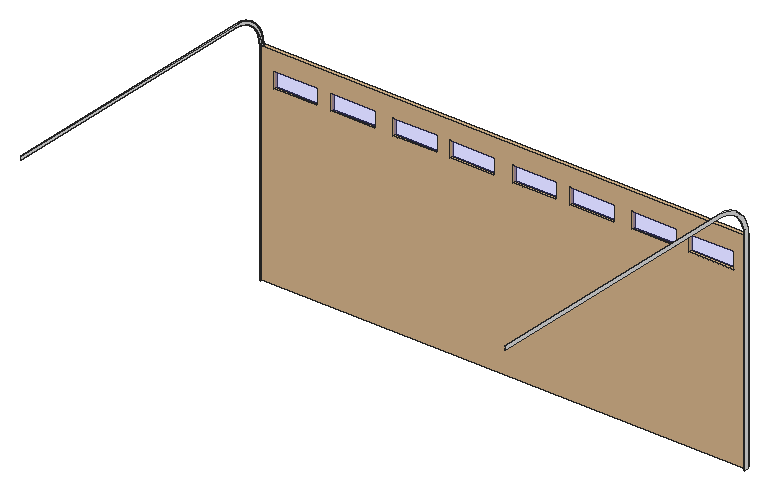
Revit family
Parameters (values of type "7Ft H x 16Ft W")
  Track Width = Width + 0' 2"  # 16' - 2"
  Track Height = Height + 1' 0"  # 8' - 0"
  Track Depth = 10' - 0"
  Track = Metal
  SmartBIM Object Version = 1  # constant formula
  SmartBIM Object Created By = "Reed Construction Data"  # constant formula
  Rough Width = 0' - 0"
  Rough Height = 0' - 0"
  Panel Thickness = 0' - 1 1/2"
  Manufacturer = ""
  Height = 7' - 0"
  Wall Closure = (empty or 0)
  Width = 16' - 0"
  Door Glass = Glass
  Door = Wood
  95 CSI = "08360"  # constant formula
  04 CSI = "08 36 13"  # constant formula
Reference planes (in)
  plane 1 "Center (Front/Back)": y = 0
  plane 2 "Center (Left/Right)": x = 0
  plane 3 "Left": x = -96
  plane 4 "Right": x = 96
  plane 5 "Top": z = 84
  plane 6: x = -97
  plane 7: x = 97
  plane 8: y = -3.25
  plane 9: z = 68.25
  plane 10: z = 15.75
  plane 11: x = 48
  plane 12: x = -48
  plane 13: y = -2.5
  plane 14: y = -2.5
  plane 15 "Ext": y = -3.25
  plane 16: y = -2.5
  plane 17 "Int": y = -1.75
  plane 18: x = -72
  plane 19: x = -24
  plane 20: x = 24
  plane 21: x = 72
  plane 22: z = 73.75
  plane 23: z = 78.75
  plane 24: z = 5.25
  plane 25: z = 26.25
  plane 26: z = 36.75
  plane 27: z = 47.25
  plane 28: z = 57.75
  plane 29: z = 10.5
  plane 30: z = 15.75
  plane 31: z = 52.5
  plane 32: z = 73.5
  plane 33: z = 0
  plane 34: z = 63
  plane 35: z = 42
  plane 36: z = 21
  plane 37: z = 31.5
Forms (in)
  Extrusion 1, solid, material "Wood" <- "Door"
    sketch origin (0, 0, 0) x (1, 0, 0) y (0, 0, 1)
      loop
        line (-97, 84) -> (-97, 0) -> (97, 0) -> (97, 84) -> (-97, 84)
      loop
        line (92.5, 76.75) -> (74.5, 76.75) -> (74.5, 70.25) -> (92.5, 70.25) -> (92.5, 76.75)
      loop
        line (69.5, 76.75) -> (51.5, 76.75) -> (51.5, 70.25) -> (69.5, 70.25) -> (69.5, 76.75)
      loop
        line (44.5, 76.75) -> (26.5, 76.75) -> (26.5, 70.25) -> (44.5, 70.25) -> (44.5, 76.75)
      loop
        line (21.5, 76.75) -> (3.5, 76.75) -> (3.5, 70.25) -> (21.5, 70.25) -> (21.5, 76.75)
      loop
        line (-3.5, 76.75) -> (-21.5, 76.75) -> (-21.5, 70.25) -> (-3.5, 70.25) -> (-3.5, 76.75)
      loop
        line (-26.5, 76.75) -> (-44.5, 76.75) -> (-44.5, 70.25) -> (-26.5, 70.25) -> (-26.5, 76.75)
      loop
        line (-51.5, 76.75) -> (-69.5, 76.75) -> (-69.5, 70.25) -> (-51.5, 70.25) -> (-51.5, 76.75)
      loop
        line (-74.5, 76.75) -> (-92.5, 76.75) -> (-92.5, 70.25) -> (-74.5, 70.25) -> (-74.5, 76.75)
    from 1.75 to 3.25
  Extrusion 2, solid, material "Glass" <- "Door Glass"
    sketch origin (0, 0, 0) x (1, 0, 0) y (0, 0, 1)
      loop
        line (92.5, 76.75) -> (74.5, 76.75) -> (74.5, 70.25) -> (92.5, 70.25) -> (92.5, 76.75)
      loop
        line (69.5, 76.75) -> (51.5, 76.75) -> (51.5, 70.25) -> (69.5, 70.25) -> (69.5, 76.75)
      loop
        line (44.5, 76.75) -> (26.5, 76.75) -> (26.5, 70.25) -> (44.5, 70.25) -> (44.5, 76.75)
      loop
        line (21.5, 76.75) -> (3.5, 76.75) -> (3.5, 70.25) -> (21.5, 70.25) -> (21.5, 76.75)
      loop
        line (-3.5, 76.75) -> (-21.5, 76.75) -> (-21.5, 70.25) -> (-3.5, 70.25) -> (-3.5, 76.75)
      loop
        line (-26.5, 76.75) -> (-44.5, 76.75) -> (-44.5, 70.25) -> (-26.5, 70.25) -> (-26.5, 76.75)
      loop
        line (-51.5, 76.75) -> (-69.5, 76.75) -> (-69.5, 70.25) -> (-51.5, 70.25) -> (-51.5, 76.75)
      loop
        line (-74.5, 76.75) -> (-92.5, 76.75) -> (-92.5, 70.25) -> (-74.5, 70.25) -> (-74.5, 76.75)
    from 2.375 to 2.625
Lines and regions (in)
  Opening 1
    outline origin (-90, -1.75, 0) x (1, 0, 0) y (0, 0, 1)
      loop
        line (-6, 0) -> (186, 0) -> (186, 84) -> (-6, 84) -> (-6, 0)
  model lines
    curve 1: line (49.5, -1.75, 57.75) -> (49.5, -1.75, 47.25)
    curve 2: line (49.5, -1.75, 47.25) -> (94.5, -1.75, 47.25)
    curve 3: line (94.5, -1.75, 47.25) -> (94.5, -1.75, 57.75)
    curve 4: line (94.5, -1.75, 57.75) -> (49.5, -1.75, 57.75)
    curve 5: line (93, -1.75, 56.25) -> (51, -1.75, 56.25)
    curve 6: line (51, -1.75, 56.25) -> (51, -1.75, 48.75)
    curve 7: line (51, -1.75, 48.75) -> (93, -1.75, 48.75)
    curve 8: line (93, -1.75, 48.75) -> (93, -1.75, 56.25)
    curve 9: line (1.5, -1.75, 57.75) -> (1.5, -1.75, 47.25)
    curve 10: line (1.5, -1.75, 47.25) -> (46.5, -1.75, 47.25)
    curve 11: line (46.5, -1.75, 47.25) -> (46.5, -1.75, 57.75)
    curve 12: line (46.5, -1.75, 57.75) -> (1.5, -1.75, 57.75)
    curve 13: line (45, -1.75, 56.25) -> (3, -1.75, 56.25)
    curve 14: line (3, -1.75, 56.25) -> (3, -1.75, 48.75)
    curve 15: line (3, -1.75, 48.75) -> (45, -1.75, 48.75)
    curve 16: line (45, -1.75, 48.75) -> (45, -1.75, 56.25)
    curve 17: line (-1.5, -1.75, 57.75) -> (-1.5, -1.75, 47.25)
    curve 18: line (-1.5, -1.75, 47.25) -> (-46.5, -1.75, 47.25)
    curve 19: line (-46.5, -1.75, 47.25) -> (-46.5, -1.75, 57.75)
    curve 20: line (-46.5, -1.75, 57.75) -> (-1.5, -1.75, 57.75)
    curve 21: line (-45, -1.75, 56.25) -> (-3, -1.75, 56.25)
    curve 22: line (-3, -1.75, 56.25) -> (-3, -1.75, 48.75)
    curve 23: line (-3, -1.75, 48.75) -> (-45, -1.75, 48.75)
    curve 24: line (-45, -1.75, 48.75) -> (-45, -1.75, 56.25)
    curve 25: line (-94.5, -1.75, 57.75) -> (-94.5, -1.75, 47.25)
    curve 26: line (-94.5, -1.75, 47.25) -> (-49.5, -1.75, 47.25)
    curve 27: line (-49.5, -1.75, 47.25) -> (-49.5, -1.75, 57.75)
    curve 28: line (-49.5, -1.75, 57.75) -> (-94.5, -1.75, 57.75)
    curve 29: line (-51, -1.75, 56.25) -> (-93, -1.75, 56.25)
    curve 30: line (-93, -1.75, 56.25) -> (-93, -1.75, 48.75)
    curve 31: line (-93, -1.75, 48.75) -> (-51, -1.75, 48.75)
    curve 32: line (-51, -1.75, 48.75) -> (-51, -1.75, 56.25)
    curve 33: line (-94.5, -1.75, 36.75) -> (-94.5, -1.75, 26.25)
    curve 34: line (-94.5, -1.75, 26.25) -> (-49.5, -1.75, 26.25)
    curve 35: line (-49.5, -1.75, 26.25) -> (-49.5, -1.75, 36.75)
    curve 36: line (-49.5, -1.75, 36.75) -> (-94.5, -1.75, 36.75)
    curve 37: line (-51, -1.75, 35.25) -> (-93, -1.75, 35.25)
    curve 38: line (-93, -1.75, 35.25) -> (-93, -1.75, 27.75)
    curve 39: line (-93, -1.75, 27.75) -> (-51, -1.75, 27.75)
    curve 40: line (-51, -1.75, 27.75) -> (-51, -1.75, 35.25)
    curve 41: line (-46.5, -1.75, 36.75) -> (-46.5, -1.75, 26.25)
    curve 42: line (-46.5, -1.75, 26.25) -> (-1.5, -1.75, 26.25)
    curve 43: line (-1.5, -1.75, 26.25) -> (-1.5, -1.75, 36.75)
    curve 44: line (-1.5, -1.75, 36.75) -> (-46.5, -1.75, 36.75)
    curve 45: line (-3, -1.75, 35.25) -> (-45, -1.75, 35.25)
    curve 46: line (-45, -1.75, 35.25) -> (-45, -1.75, 27.75)
    curve 47: line (-45, -1.75, 27.75) -> (-3, -1.75, 27.75)
    curve 48: line (-3, -1.75, 27.75) -> (-3, -1.75, 35.25)
    curve 49: line (46.5, -1.75, 36.75) -> (46.5, -1.75, 26.25)
    curve 50: line (46.5, -1.75, 26.25) -> (1.5, -1.75, 26.25)
    curve 51: line (1.5, -1.75, 26.25) -> (1.5, -1.75, 36.75)
    curve 52: line (1.5, -1.75, 36.75) -> (46.5, -1.75, 36.75)
    curve 53: line (3, -1.75, 35.25) -> (45, -1.75, 35.25)
    curve 54: line (45, -1.75, 35.25) -> (45, -1.75, 27.75)
    curve 55: line (45, -1.75, 27.75) -> (3, -1.75, 27.75)
    curve 56: line (3, -1.75, 27.75) -> (3, -1.75, 35.25)
    curve 57: line (49.5, -1.75, 36.75) -> (49.5, -1.75, 26.25)
    curve 58: line (49.5, -1.75, 26.25) -> (94.5, -1.75, 26.25)
    curve 59: line (94.5, -1.75, 26.25) -> (94.5, -1.75, 36.75)
    curve 60: line (94.5, -1.75, 36.75) -> (49.5, -1.75, 36.75)
    curve 61: line (93, -1.75, 35.25) -> (51, -1.75, 35.25)
    curve 62: line (51, -1.75, 35.25) -> (51, -1.75, 27.75)
    curve 63: line (51, -1.75, 27.75) -> (93, -1.75, 27.75)
    curve 64: line (93, -1.75, 27.75) -> (93, -1.75, 35.25)
    curve 65: line (-94.5, -1.75, 5.25) -> (-94.5, -1.75, 15.75)
    curve 66: line (-94.5, -1.75, 15.75) -> (-49.5, -1.75, 15.75)
    curve 67: line (-49.5, -1.75, 15.75) -> (-49.5, -1.75, 5.25)
    curve 68: line (-49.5, -1.75, 5.25) -> (-94.5, -1.75, 5.25)
    curve 69: line (-51, -1.75, 6.75) -> (-93, -1.75, 6.75)
    curve 70: line (-93, -1.75, 6.75) -> (-93, -1.75, 14.25)
    curve 71: line (-93, -1.75, 14.25) -> (-51, -1.75, 14.25)
    curve 72: line (-51, -1.75, 14.25) -> (-51, -1.75, 6.75)
    curve 73: line (-1.5, -1.75, 5.25) -> (-1.5, -1.75, 15.75)
    curve 74: line (-1.5, -1.75, 15.75) -> (-46.5, -1.75, 15.75)
    curve 75: line (-46.5, -1.75, 15.75) -> (-46.5, -1.75, 5.25)
    curve 76: line (-46.5, -1.75, 5.25) -> (-1.5, -1.75, 5.25)
    curve 77: line (-45, -1.75, 6.75) -> (-3, -1.75, 6.75)
    curve 78: line (-3, -1.75, 6.75) -> (-3, -1.75, 14.25)
    curve 79: line (-3, -1.75, 14.25) -> (-45, -1.75, 14.25)
    curve 80: line (-45, -1.75, 14.25) -> (-45, -1.75, 6.75)
    curve 81: line (1.5, -1.75, 5.25) -> (1.5, -1.75, 15.75)
    curve 82: line (1.5, -1.75, 15.75) -> (46.5, -1.75, 15.75)
    curve 83: line (46.5, -1.75, 15.75) -> (46.5, -1.75, 5.25)
    curve 84: line (46.5, -1.75, 5.25) -> (1.5, -1.75, 5.25)
    curve 85: line (45, -1.75, 6.75) -> (3, -1.75, 6.75)
    curve 86: line (3, -1.75, 6.75) -> (3, -1.75, 14.25)
    curve 87: line (3, -1.75, 14.25) -> (45, -1.75, 14.25)
    curve 88: line (45, -1.75, 14.25) -> (45, -1.75, 6.75)
    curve 89: line (94.5, -1.75, 5.25) -> (94.5, -1.75, 15.75)
    curve 90: line (94.5, -1.75, 15.75) -> (49.5, -1.75, 15.75)
    curve 91: line (49.5, -1.75, 15.75) -> (49.5, -1.75, 5.25)
    curve 92: line (49.5, -1.75, 5.25) -> (94.5, -1.75, 5.25)
    curve 93: line (51, -1.75, 6.75) -> (93, -1.75, 6.75)
    curve 94: line (93, -1.75, 6.75) -> (93, -1.75, 14.25)
    curve 95: line (93, -1.75, 14.25) -> (51, -1.75, 14.25)
    curve 96: line (51, -1.75, 14.25) -> (51, -1.75, 6.75)
    curve 97: line (3, -1.75, 56.25) -> (1.5, -1.75, 57.75)
    curve 98: line (3, -1.75, 48.75) -> (1.5, -1.75, 47.25)
    curve 99: line (45, -1.75, 56.25) -> (46.5, -1.75, 57.75)
    curve 100: line (45, -1.75, 48.75) -> (46.5, -1.75, 47.25)
    curve 101: line (93, -1.75, 56.25) -> (94.5, -1.75, 57.75)
    curve 102: line (93, -1.75, 48.75) -> (94.5, -1.75, 47.25)
    curve 103: line (51, -1.75, 56.25) -> (49.5, -1.75, 57.75)
    curve 104: line (51, -1.75, 48.75) -> (49.5, -1.75, 47.25)
    curve 105: line (93, -1.75, 27.75) -> (94.5, -1.75, 26.25)
    curve 106: line (93, -1.75, 35.25) -> (94.5, -1.75, 36.75)
    curve 107: line (51, -1.75, 27.75) -> (49.5, -1.75, 26.25)
    curve 108: line (51, -1.75, 35.25) -> (49.5, -1.75, 36.75)
    curve 109: line (93, -1.75, 14.25) -> (94.5, -1.75, 15.75)
    curve 110: line (93, -1.75, 6.75) -> (94.5, -1.75, 5.25)
    curve 111: line (51, -1.75, 14.25) -> (49.5, -1.75, 15.75)
    curve 112: line (51, -1.75, 6.75) -> (49.5, -1.75, 5.25)
    curve 113: line (3, -1.75, 14.25) -> (1.5, -1.75, 15.75)
    curve 114: line (3, -1.75, 6.75) -> (1.5, -1.75, 5.25)
    curve 115: line (45, -1.75, 14.25) -> (46.5, -1.75, 15.75)
    curve 116: line (45, -1.75, 6.75) -> (46.5, -1.75, 5.25)
    curve 117: line (-3, -1.75, 14.25) -> (-1.5, -1.75, 15.75)
    curve 118: line (-3, -1.75, 6.75) -> (-1.5, -1.75, 5.25)
    curve 119: line (-45, -1.75, 14.25) -> (-46.5, -1.75, 15.75)
    curve 120: line (-45, -1.75, 6.75) -> (-46.5, -1.75, 5.25)
    curve 121: line (-93, -1.75, 14.25) -> (-94.5, -1.75, 15.75)
    curve 122: line (-93, -1.75, 6.75) -> (-94.5, -1.75, 5.25)
    curve 123: line (-51, -1.75, 14.25) -> (-49.5, -1.75, 15.75)
    curve 124: line (-51, -1.75, 6.75) -> (-49.5, -1.75, 5.25)
    curve 125: line (-93, -1.75, 27.75) -> (-94.5, -1.75, 26.25)
    curve 126: line (-93, -1.75, 35.25) -> (-94.5, -1.75, 36.75)
    curve 127: line (-51, -1.75, 27.75) -> (-49.5, -1.75, 26.25)
    curve 128: line (-51, -1.75, 35.25) -> (-49.5, -1.75, 36.75)
    curve 129: line (-3, -1.75, 27.75) -> (-1.5, -1.75, 26.25)
    curve 130: line (-3, -1.75, 35.25) -> (-1.5, -1.75, 36.75)
    curve 131: line (-45, -1.75, 27.75) -> (-46.5, -1.75, 26.25)
    curve 132: line (-45, -1.75, 35.25) -> (-46.5, -1.75, 36.75)
    curve 133: line (3, -1.75, 27.75) -> (1.5, -1.75, 26.25)
    curve 134: line (3, -1.75, 35.25) -> (1.5, -1.75, 36.75)
    curve 135: line (45, -1.75, 27.75) -> (46.5, -1.75, 26.25)
    curve 136: line (45, -1.75, 35.25) -> (46.5, -1.75, 36.75)
    curve 137: line (-3, -1.75, 56.25) -> (-1.5, -1.75, 57.75)
    curve 138: line (-3, -1.75, 48.75) -> (-1.5, -1.75, 47.25)
    curve 139: line (-45, -1.75, 56.25) -> (-46.5, -1.75, 57.75)
    curve 140: line (-45, -1.75, 48.75) -> (-46.5, -1.75, 47.25)
    curve 141: line (-93, -1.75, 56.25) -> (-94.5, -1.75, 57.75)
    curve 142: line (-93, -1.75, 48.75) -> (-94.5, -1.75, 47.25)
    curve 143: line (-51, -1.75, 56.25) -> (-49.5, -1.75, 57.75)
    curve 144: line (-51, -1.75, 48.75) -> (-49.5, -1.75, 47.25)
    curve 145: line (93, -3.25, 56.25) -> (51, -3.25, 56.25)
    curve 146: line (51, -3.25, 56.25) -> (51, -3.25, 48.75)
    curve 147: line (51, -3.25, 48.75) -> (93, -3.25, 48.75)
    curve 148: line (93, -3.25, 48.75) -> (93, -3.25, 56.25)
    curve 149: line (45, -3.25, 56.25) -> (3, -3.25, 56.25)
    curve 150: line (3, -3.25, 56.25) -> (3, -3.25, 48.75)
    curve 151: line (3, -3.25, 48.75) -> (45, -3.25, 48.75)
    curve 152: line (45, -3.25, 48.75) -> (45, -3.25, 56.25)
    curve 153: line (-45, -3.25, 56.25) -> (-3, -3.25, 56.25)
    curve 154: line (-3, -3.25, 56.25) -> (-3, -3.25, 48.75)
    curve 155: line (-3, -3.25, 48.75) -> (-45, -3.25, 48.75)
    curve 156: line (-45, -3.25, 48.75) -> (-45, -3.25, 56.25)
    curve 157: line (-51, -3.25, 56.25) -> (-93, -3.25, 56.25)
    curve 158: line (-93, -3.25, 56.25) -> (-93, -3.25, 48.75)
    curve 159: line (-93, -3.25, 48.75) -> (-51, -3.25, 48.75)
    curve 160: line (-51, -3.25, 48.75) -> (-51, -3.25, 56.25)
    curve 161: line (-51, -3.25, 35.25) -> (-93, -3.25, 35.25)
    curve 162: line (-93, -3.25, 35.25) -> (-93, -3.25, 27.75)
    curve 163: line (-93, -3.25, 27.75) -> (-51, -3.25, 27.75)
    curve 164: line (-51, -3.25, 27.75) -> (-51, -3.25, 35.25)
    curve 165: line (-3, -3.25, 35.25) -> (-45, -3.25, 35.25)
    curve 166: line (-45, -3.25, 35.25) -> (-45, -3.25, 27.75)
    curve 167: line (-45, -3.25, 27.75) -> (-3, -3.25, 27.75)
    curve 168: line (-3, -3.25, 27.75) -> (-3, -3.25, 35.25)
    curve 169: line (3, -3.25, 35.25) -> (45, -3.25, 35.25)
    curve 170: line (45, -3.25, 35.25) -> (45, -3.25, 27.75)
    curve 171: line (45, -3.25, 27.75) -> (3, -3.25, 27.75)
    curve 172: line (3, -3.25, 27.75) -> (3, -3.25, 35.25)
    curve 173: line (93, -3.25, 35.25) -> (51, -3.25, 35.25)
    curve 174: line (51, -3.25, 35.25) -> (51, -3.25, 27.75)
    curve 175: line (51, -3.25, 27.75) -> (93, -3.25, 27.75)
    curve 176: line (93, -3.25, 27.75) -> (93, -3.25, 35.25)
    curve 177: line (93, -3.25, 14.25) -> (51, -3.25, 14.25)
    curve 178: line (51, -3.25, 14.25) -> (51, -3.25, 6.75)
    curve 179: line (51, -3.25, 6.75) -> (93, -3.25, 6.75)
    curve 180: line (93, -3.25, 6.75) -> (93, -3.25, 14.25)
    curve 181: line (3, -3.25, 14.25) -> (45, -3.25, 14.25)
    curve 182: line (45, -3.25, 14.25) -> (45, -3.25, 6.75)
    curve 183: line (45, -3.25, 6.75) -> (3, -3.25, 6.75)
    curve 184: line (3, -3.25, 6.75) -> (3, -3.25, 14.25)
    curve 185: line (-3, -3.25, 14.25) -> (-45, -3.25, 14.25)
    curve 186: line (-45, -3.25, 14.25) -> (-45, -3.25, 6.75)
    curve 187: line (-45, -3.25, 6.75) -> (-3, -3.25, 6.75)
    curve 188: line (-3, -3.25, 6.75) -> (-3, -3.25, 14.25)
    curve 189: line (-93, -3.25, 14.25) -> (-51, -3.25, 14.25)
    curve 190: line (-51, -3.25, 14.25) -> (-51, -3.25, 6.75)
    curve 191: line (-51, -3.25, 6.75) -> (-93, -3.25, 6.75)
    curve 192: line (-93, -3.25, 6.75) -> (-93, -3.25, 14.25)
    curve 193: line (94.5, -3.25, 47.25) -> (94.5, -3.25, 57.75)
    curve 194: line (94.5, -3.25, 57.75) -> (49.5, -3.25, 57.75)
    curve 195: line (49.5, -3.25, 57.75) -> (49.5, -3.25, 47.25)
    curve 196: line (49.5, -3.25, 47.25) -> (94.5, -3.25, 47.25)
    curve 197: line (46.5, -3.25, 57.75) -> (1.5, -3.25, 57.75)
    curve 198: line (1.5, -3.25, 57.75) -> (1.5, -3.25, 47.25)
    curve 199: line (1.5, -3.25, 47.25) -> (46.5, -3.25, 47.25)
    curve 200: line (46.5, -3.25, 47.25) -> (46.5, -3.25, 57.75)
    curve 201: line (-1.5, -3.25, 47.25) -> (-46.5, -3.25, 47.25)
    curve 202: line (-46.5, -3.25, 47.25) -> (-46.5, -3.25, 57.75)
    curve 203: line (-46.5, -3.25, 57.75) -> (-1.5, -3.25, 57.75)
    curve 204: line (-1.5, -3.25, 57.75) -> (-1.5, -3.25, 47.25)
    curve 205: line (-94.5, -3.25, 57.75) -> (-94.5, -3.25, 47.25)
    curve 206: line (-94.5, -3.25, 47.25) -> (-49.5, -3.25, 47.25)
    curve 207: line (-49.5, -3.25, 47.25) -> (-49.5, -3.25, 57.75)
    curve 208: line (-49.5, -3.25, 57.75) -> (-94.5, -3.25, 57.75)
    curve 209: line (-94.5, -3.25, 36.75) -> (-94.5, -3.25, 26.25)
    curve 210: line (-94.5, -3.25, 26.25) -> (-49.5, -3.25, 26.25)
    curve 211: line (-49.5, -3.25, 26.25) -> (-49.5, -3.25, 36.75)
    curve 212: line (-49.5, -3.25, 36.75) -> (-94.5, -3.25, 36.75)
    curve 213: line (-1.5, -3.25, 36.75) -> (-46.5, -3.25, 36.75)
    curve 214: line (-46.5, -3.25, 36.75) -> (-46.5, -3.25, 26.25)
    curve 215: line (-46.5, -3.25, 26.25) -> (-1.5, -3.25, 26.25)
    curve 216: line (-1.5, -3.25, 26.25) -> (-1.5, -3.25, 36.75)
    curve 217: line (1.5, -3.25, 26.25) -> (1.5, -3.25, 36.75)
    curve 218: line (1.5, -3.25, 36.75) -> (46.5, -3.25, 36.75)
    curve 219: line (46.5, -3.25, 36.75) -> (46.5, -3.25, 26.25)
    curve 220: line (46.5, -3.25, 26.25) -> (1.5, -3.25, 26.25)
    curve 221: line (49.5, -3.25, 36.75) -> (49.5, -3.25, 26.25)
    curve 222: line (49.5, -3.25, 26.25) -> (94.5, -3.25, 26.25)
    curve 223: line (94.5, -3.25, 26.25) -> (94.5, -3.25, 36.75)
    curve 224: line (94.5, -3.25, 36.75) -> (49.5, -3.25, 36.75)
    curve 225: line (94.5, -3.25, 5.25) -> (94.5, -3.25, 15.75)
    curve 226: line (94.5, -3.25, 15.75) -> (49.5, -3.25, 15.75)
    curve 227: line (49.5, -3.25, 15.75) -> (49.5, -3.25, 5.25)
    curve 228: line (49.5, -3.25, 5.25) -> (94.5, -3.25, 5.25)
    curve 229: line (46.5, -3.25, 15.75) -> (46.5, -3.25, 5.25)
    curve 230: line (46.5, -3.25, 5.25) -> (1.5, -3.25, 5.25)
    curve 231: line (1.5, -3.25, 5.25) -> (1.5, -3.25, 15.75)
    curve 232: line (1.5, -3.25, 15.75) -> (46.5, -3.25, 15.75)
    curve 233: line (-1.5, -3.25, 5.25) -> (-1.5, -3.25, 15.75)
    curve 234: line (-1.5, -3.25, 15.75) -> (-46.5, -3.25, 15.75)
    curve 235: line (-46.5, -3.25, 15.75) -> (-46.5, -3.25, 5.25)
    curve 236: line (-46.5, -3.25, 5.25) -> (-1.5, -3.25, 5.25)
    curve 237: line (-94.5, -3.25, 15.75) -> (-49.5, -3.25, 15.75)
    curve 238: line (-49.5, -3.25, 15.75) -> (-49.5, -3.25, 5.25)
    curve 239: line (-49.5, -3.25, 5.25) -> (-94.5, -3.25, 5.25)
    curve 240: line (-94.5, -3.25, 5.25) -> (-94.5, -3.25, 15.75)
    curve 241: line (93, -3.25, 56.25) -> (94.5, -3.25, 57.75)
    curve 242: line (51, -3.25, 56.25) -> (49.5, -3.25, 57.75)
    curve 243: line (51, -3.25, 48.75) -> (49.5, -3.25, 47.25)
    curve 244: line (93, -3.25, 48.75) -> (94.5, -3.25, 47.25)
    curve 245: line (45, -3.25, 48.75) -> (46.5, -3.25, 47.25)
    curve 246: line (45, -3.25, 56.25) -> (46.5, -3.25, 57.75)
    curve 247: line (3, -3.25, 56.25) -> (1.5, -3.25, 57.75)
    curve 248: line (3, -3.25, 48.75) -> (1.5, -3.25, 47.25)
    curve 249: line (-3, -3.25, 56.25) -> (-1.5, -3.25, 57.75)
    curve 250: line (-3, -3.25, 48.75) -> (-1.5, -3.25, 47.25)
    curve 251: line (-45, -3.25, 48.75) -> (-46.5, -3.25, 47.25)
    curve 252: line (-45, -3.25, 56.25) -> (-46.5, -3.25, 57.75)
    curve 253: line (-51, -3.25, 56.25) -> (-49.5, -3.25, 57.75)
    curve 254: line (-51, -3.25, 48.75) -> (-49.5, -3.25, 47.25)
    curve 255: line (-93, -3.25, 56.25) -> (-94.5, -3.25, 57.75)
    curve 256: line (-93, -3.25, 48.75) -> (-94.5, -3.25, 47.25)
    curve 257: line (-93, -3.25, 35.25) -> (-94.5, -3.25, 36.75)
    curve 258: line (-93, -3.25, 27.75) -> (-94.5, -3.25, 26.25)
    curve 259: line (-51, -3.25, 27.75) -> (-49.5, -3.25, 26.25)
    curve 260: line (-51, -3.25, 35.25) -> (-49.5, -3.25, 36.75)
    curve 261: line (-45, -3.25, 35.25) -> (-46.5, -3.25, 36.75)
    curve 262: line (-45, -3.25, 27.75) -> (-46.5, -3.25, 26.25)
    curve 263: line (-3, -3.25, 35.25) -> (-1.5, -3.25, 36.75)
    curve 264: line (-3, -3.25, 27.75) -> (-1.5, -3.25, 26.25)
    curve 265: line (3, -3.25, 35.25) -> (1.5, -3.25, 36.75)
    curve 266: line (3, -3.25, 27.75) -> (1.5, -3.25, 26.25)
    curve 267: line (45, -3.25, 27.75) -> (46.5, -3.25, 26.25)
    curve 268: line (45, -3.25, 35.25) -> (46.5, -3.25, 36.75)
    curve 269: line (51, -3.25, 35.25) -> (49.5, -3.25, 36.75)
    curve 270: line (51, -3.25, 27.75) -> (49.5, -3.25, 26.25)
    curve 271: line (93, -3.25, 27.75) -> (94.5, -3.25, 26.25)
    curve 272: line (93, -3.25, 35.25) -> (94.5, -3.25, 36.75)
    curve 273: line (93, -3.25, 14.25) -> (94.5, -3.25, 15.75)
    curve 274: line (93, -3.25, 6.75) -> (94.5, -3.25, 5.25)
    curve 275: line (51, -3.25, 6.75) -> (49.5, -3.25, 5.25)
    curve 276: line (51, -3.25, 14.25) -> (49.5, -3.25, 15.75)
    curve 277: line (45, -3.25, 14.25) -> (46.5, -3.25, 15.75)
    curve 278: line (45, -3.25, 6.75) -> (46.5, -3.25, 5.25)
    curve 279: line (3, -3.25, 6.75) -> (1.5, -3.25, 5.25)
    curve 280: line (3, -3.25, 14.25) -> (1.5, -3.25, 15.75)
    curve 281: line (-3, -3.25, 14.25) -> (-1.5, -3.25, 15.75)
    curve 282: line (-3, -3.25, 6.75) -> (-1.5, -3.25, 5.25)
    curve 283: line (-45, -3.25, 14.25) -> (-46.5, -3.25, 15.75)
    curve 284: line (-45, -3.25, 6.75) -> (-46.5, -3.25, 5.25)
    curve 285: line (-51, -3.25, 14.25) -> (-49.5, -3.25, 15.75)
    curve 286: line (-51, -3.25, 6.75) -> (-49.5, -3.25, 5.25)
    curve 287: line (-93, -3.25, 14.25) -> (-94.5, -3.25, 15.75)
    curve 288: line (-93, -3.25, 6.75) -> (-94.5, -3.25, 5.25)
    curve 289: line (-112.67375, -1.75, 0) -> (112.32625, -1.75, 0)
    curve 290: line (49.5, -1.75, 78.75) -> (71.5, -1.75, 78.75)
    curve 291: line (49.5, -1.75, 68.25) -> (49.5, -1.75, 78.75)
    curve 292: line (94.5, -1.75, 68.25) -> (72.5, -1.75, 68.25)
    curve 293: line (94.5, -1.75, 78.75) -> (94.5, -1.75, 68.25)
    curve 294: line (94.5, -1.75, 78.75) -> (92.5, -1.75, 76.75)
    curve 295: line (51.5, -1.75, 76.75) -> (49.5, -1.75, 78.75)
    curve 296: line (51.5, -1.75, 70.25) -> (49.5, -1.75, 68.25)
    curve 297: line (92.5, -1.75, 70.25) -> (94.5, -1.75, 68.25)
    curve 298: line (74.5, -1.75, 76.75) -> (72.5, -1.75, 78.75)
    curve 299: line (74.5, -1.75, 70.25) -> (72.5, -1.75, 68.25)
    curve 300: line (69.5, -1.75, 70.25) -> (71.5, -1.75, 68.25)
    curve 301: line (69.5, -1.75, 76.75) -> (71.5, -1.75, 78.75)
    curve 302: line (71.5, -1.75, 68.25) -> (49.5, -1.75, 68.25)
    curve 303: line (72.5, -1.75, 78.75) -> (94.5, -1.75, 78.75)
    curve 304: line (72.5, -1.75, 78.75) -> (72.5, -1.75, 68.25)
    curve 305: line (71.5, -1.75, 68.25) -> (71.5, -1.75, 78.75)
    curve 306: line (46.5, -1.75, 78.75) -> (24.5, -1.75, 78.75)
    curve 307: line (46.5, -1.75, 68.25) -> (46.5, -1.75, 78.75)
    curve 308: line (1.5, -1.75, 68.25) -> (23.5, -1.75, 68.25)
    curve 309: line (1.5, -1.75, 78.75) -> (1.5, -1.75, 68.25)
    curve 310: line (1.5, -1.75, 78.75) -> (3.5, -1.75, 76.75)
    curve 311: line (44.5, -1.75, 76.75) -> (46.5, -1.75, 78.75)
    curve 312: line (44.5, -1.75, 70.25) -> (46.5, -1.75, 68.25)
    curve 313: line (3.5, -1.75, 70.25) -> (1.5, -1.75, 68.25)
    curve 314: line (21.5, -1.75, 76.75) -> (23.5, -1.75, 78.75)
    curve 315: line (21.5, -1.75, 70.25) -> (23.5, -1.75, 68.25)
    curve 316: line (26.5, -1.75, 70.25) -> (24.5, -1.75, 68.25)
    curve 317: line (26.5, -1.75, 76.75) -> (24.5, -1.75, 78.75)
    curve 318: line (24.5, -1.75, 68.25) -> (46.5, -1.75, 68.25)
    curve 319: line (23.5, -1.75, 78.75) -> (1.5, -1.75, 78.75)
    curve 320: line (23.5, -1.75, 78.75) -> (23.5, -1.75, 68.25)
    curve 321: line (24.5, -1.75, 68.25) -> (24.5, -1.75, 78.75)
    curve 322: line (-49.5, -1.75, 78.75) -> (-71.5, -1.75, 78.75)
    curve 323: line (-49.5, -1.75, 68.25) -> (-49.5, -1.75, 78.75)
    curve 324: line (-94.5, -1.75, 68.25) -> (-72.5, -1.75, 68.25)
    curve 325: line (-94.5, -1.75, 78.75) -> (-94.5, -1.75, 68.25)
    curve 326: line (-94.5, -1.75, 78.75) -> (-92.5, -1.75, 76.75)
    curve 327: line (-51.5, -1.75, 76.75) -> (-49.5, -1.75, 78.75)
    curve 328: line (-51.5, -1.75, 70.25) -> (-49.5, -1.75, 68.25)
    curve 329: line (-92.5, -1.75, 70.25) -> (-94.5, -1.75, 68.25)
    curve 330: line (-74.5, -1.75, 76.75) -> (-72.5, -1.75, 78.75)
    curve 331: line (-74.5, -1.75, 70.25) -> (-72.5, -1.75, 68.25)
    curve 332: line (-69.5, -1.75, 70.25) -> (-71.5, -1.75, 68.25)
    curve 333: line (-69.5, -1.75, 76.75) -> (-71.5, -1.75, 78.75)
    curve 334: line (-71.5, -1.75, 68.25) -> (-49.5, -1.75, 68.25)
    curve 335: line (-72.5, -1.75, 78.75) -> (-94.5, -1.75, 78.75)
    curve 336: line (-72.5, -1.75, 78.75) -> (-72.5, -1.75, 68.25)
    curve 337: line (-71.5, -1.75, 68.25) -> (-71.5, -1.75, 78.75)
    curve 338: line (-46.5, -1.75, 78.75) -> (-24.5, -1.75, 78.75)
    curve 339: line (-46.5, -1.75, 68.25) -> (-46.5, -1.75, 78.75)
    curve 340: line (-1.5, -1.75, 68.25) -> (-23.5, -1.75, 68.25)
    curve 341: line (-1.5, -1.75, 78.75) -> (-1.5, -1.75, 68.25)
    curve 342: line (-1.5, -1.75, 78.75) -> (-3.5, -1.75, 76.75)
    curve 343: line (-44.5, -1.75, 76.75) -> (-46.5, -1.75, 78.75)
    curve 344: line (-44.5, -1.75, 70.25) -> (-46.5, -1.75, 68.25)
    curve 345: line (-3.5, -1.75, 70.25) -> (-1.5, -1.75, 68.25)
    curve 346: line (-21.5, -1.75, 76.75) -> (-23.5, -1.75, 78.75)
    curve 347: line (-21.5, -1.75, 70.25) -> (-23.5, -1.75, 68.25)
    curve 348: line (-26.5, -1.75, 70.25) -> (-24.5, -1.75, 68.25)
    curve 349: line (-26.5, -1.75, 76.75) -> (-24.5, -1.75, 78.75)
    curve 350: line (-24.5, -1.75, 68.25) -> (-46.5, -1.75, 68.25)
    curve 351: line (-23.5, -1.75, 78.75) -> (-1.5, -1.75, 78.75)
    curve 352: line (-23.5, -1.75, 78.75) -> (-23.5, -1.75, 68.25)
    curve 353: line (-24.5, -1.75, 68.25) -> (-24.5, -1.75, 78.75)
    curve 354: line (-72.5, -3.25, 78.75) -> (-94.5, -3.25, 78.75)
    curve 355: line (-94.5, -3.25, 78.75) -> (-94.5, -3.25, 68.25)
    curve 356: line (-94.5, -3.25, 68.25) -> (-72.5, -3.25, 68.25)
    curve 357: line (-72.5, -3.25, 68.25) -> (-72.5, -3.25, 78.75)
    curve 358: line (-49.5, -3.25, 68.25) -> (-49.5, -3.25, 78.75)
    curve 359: line (-49.5, -3.25, 78.75) -> (-71.5, -3.25, 78.75)
    curve 360: line (-71.5, -3.25, 78.75) -> (-71.5, -3.25, 68.25)
    curve 361: line (-71.5, -3.25, 68.25) -> (-49.5, -3.25, 68.25)
    curve 362: line (-24.5, -3.25, 68.25) -> (-24.5, -3.25, 78.75)
    curve 363: line (-24.5, -3.25, 78.75) -> (-46.5, -3.25, 78.75)
    curve 364: line (-46.5, -3.25, 78.75) -> (-46.5, -3.25, 68.25)
    curve 365: line (-46.5, -3.25, 68.25) -> (-24.5, -3.25, 68.25)
    curve 366: line (-1.5, -3.25, 68.25) -> (-23.5, -3.25, 68.25)
    curve 367: line (-23.5, -3.25, 68.25) -> (-23.5, -3.25, 78.75)
    curve 368: line (-23.5, -3.25, 78.75) -> (-1.5, -3.25, 78.75)
    curve 369: line (-1.5, -3.25, 78.75) -> (-1.5, -3.25, 68.25)
    curve 370: line (23.5, -3.25, 78.75) -> (23.5, -3.25, 68.25)
    curve 371: line (23.5, -3.25, 68.25) -> (1.5, -3.25, 68.25)
    curve 372: line (1.5, -3.25, 68.25) -> (1.5, -3.25, 78.75)
    curve 373: line (1.5, -3.25, 78.75) -> (23.5, -3.25, 78.75)
    curve 374: line (46.5, -3.25, 68.25) -> (46.5, -3.25, 78.75)
    curve 375: line (46.5, -3.25, 78.75) -> (24.5, -3.25, 78.75)
    curve 376: line (24.5, -3.25, 78.75) -> (24.5, -3.25, 68.25)
    curve 377: line (24.5, -3.25, 68.25) -> (46.5, -3.25, 68.25)
    curve 378: line (71.5, -3.25, 68.25) -> (71.5, -3.25, 78.75)
    curve 379: line (71.5, -3.25, 78.75) -> (49.5, -3.25, 78.75)
    curve 380: line (49.5, -3.25, 78.75) -> (49.5, -3.25, 68.25)
    curve 381: line (49.5, -3.25, 68.25) -> (71.5, -3.25, 68.25)
    curve 382: line (72.5, -3.25, 78.75) -> (94.5, -3.25, 78.75)
    curve 383: line (94.5, -3.25, 78.75) -> (94.5, -3.25, 68.25)
    curve 384: line (94.5, -3.25, 68.25) -> (72.5, -3.25, 68.25)
    curve 385: line (72.5, -3.25, 68.25) -> (72.5, -3.25, 78.75)
    curve 386: line (74.5, -3.25, 76.75) -> (92.5, -3.25, 76.75)
    curve 387: line (92.5, -3.25, 76.75) -> (92.5, -3.25, 70.25)
    curve 388: line (92.5, -3.25, 70.25) -> (74.5, -3.25, 70.25)
    curve 389: line (74.5, -3.25, 70.25) -> (74.5, -3.25, 76.75)
    curve 390: line (51.5, -3.25, 76.75) -> (69.5, -3.25, 76.75)
    curve 391: line (69.5, -3.25, 76.75) -> (69.5, -3.25, 70.25)
    curve 392: line (69.5, -3.25, 70.25) -> (51.5, -3.25, 70.25)
    curve 393: line (51.5, -3.25, 70.25) -> (51.5, -3.25, 76.75)
    curve 394: line (26.5, -3.25, 76.75) -> (44.5, -3.25, 76.75)
    curve 395: line (44.5, -3.25, 76.75) -> (44.5, -3.25, 70.25)
    curve 396: line (44.5, -3.25, 70.25) -> (26.5, -3.25, 70.25)
    curve 397: line (26.5, -3.25, 70.25) -> (26.5, -3.25, 76.75)
    curve 398: line (3.5, -3.25, 76.75) -> (21.5, -3.25, 76.75)
    curve 399: line (21.5, -3.25, 76.75) -> (21.5, -3.25, 70.25)
    curve 400: line (21.5, -3.25, 70.25) -> (3.5, -3.25, 70.25)
    curve 401: line (3.5, -3.25, 70.25) -> (3.5, -3.25, 76.75)
    curve 402: line (-21.5, -3.25, 76.75) -> (-3.5, -3.25, 76.75)
    curve 403: line (-3.5, -3.25, 76.75) -> (-3.5, -3.25, 70.25)
    curve 404: line (-3.5, -3.25, 70.25) -> (-21.5, -3.25, 70.25)
    curve 405: line (-21.5, -3.25, 70.25) -> (-21.5, -3.25, 76.75)
    curve 406: line (-44.5, -3.25, 76.75) -> (-26.5, -3.25, 76.75)
    curve 407: line (-26.5, -3.25, 76.75) -> (-26.5, -3.25, 70.25)
    curve 408: line (-26.5, -3.25, 70.25) -> (-44.5, -3.25, 70.25)
    curve 409: line (-44.5, -3.25, 70.25) -> (-44.5, -3.25, 76.75)
    curve 410: line (-69.5, -3.25, 76.75) -> (-51.5, -3.25, 76.75)
    curve 411: line (-51.5, -3.25, 76.75) -> (-51.5, -3.25, 70.25)
    curve 412: line (-51.5, -3.25, 70.25) -> (-69.5, -3.25, 70.25)
    curve 413: line (-69.5, -3.25, 70.25) -> (-69.5, -3.25, 76.75)
    curve 414: line (-92.5, -3.25, 76.75) -> (-74.5, -3.25, 76.75)
    curve 415: line (-74.5, -3.25, 76.75) -> (-74.5, -3.25, 70.25)
    curve 416: line (-74.5, -3.25, 70.25) -> (-92.5, -3.25, 70.25)
    curve 417: line (-92.5, -3.25, 70.25) -> (-92.5, -3.25, 76.75)
    curve 418: line (-94.5, -3.25, 78.75) -> (-92.5, -3.25, 76.75)
    curve 419: line (-74.5, -3.25, 76.75) -> (-72.5, -3.25, 78.75)
    curve 420: line (-92.5, -3.25, 70.25) -> (-94.5, -3.25, 68.25)
    curve 421: line (-74.5, -3.25, 70.25) -> (-72.5, -3.25, 68.25)
    curve 422: line (-69.5, -3.25, 70.25) -> (-71.5, -3.25, 68.25)
    curve 423: line (-51.5, -3.25, 70.25) -> (-49.5, -3.25, 68.25)
    curve 424: line (-51.5, -3.25, 76.75) -> (-49.5, -3.25, 78.75)
    curve 425: line (-69.5, -3.25, 76.75) -> (-71.5, -3.25, 78.75)
    curve 426: line (-44.5, -3.25, 76.75) -> (-46.5, -3.25, 78.75)
    curve 427: line (-26.5, -3.25, 76.75) -> (-24.5, -3.25, 78.75)
    curve 428: line (-26.5, -3.25, 70.25) -> (-24.5, -3.25, 68.25)
    curve 429: line (-44.5, -3.25, 70.25) -> (-46.5, -3.25, 68.25)
    curve 430: line (-21.5, -3.25, 76.75) -> (-23.5, -3.25, 78.75)
    curve 431: line (-1.5, -3.25, 78.75) -> (-3.5, -3.25, 76.75)
    curve 432: line (-3.5, -3.25, 70.25) -> (-1.5, -3.25, 68.25)
    curve 433: line (-21.5, -3.25, 70.25) -> (-23.5, -3.25, 68.25)
    curve 434: line (1.5, -3.25, 78.75) -> (3.5, -3.25, 76.75)
    curve 435: line (3.5, -3.25, 70.25) -> (1.5, -3.25, 68.25)
    curve 436: line (21.5, -3.25, 70.25) -> (23.5, -3.25, 68.25)
    curve 437: line (21.5, -3.25, 76.75) -> (23.5, -3.25, 78.75)
    curve 438: line (26.5, -3.25, 76.75) -> (24.5, -3.25, 78.75)
    curve 439: line (26.5, -3.25, 70.25) -> (24.5, -3.25, 68.25)
    curve 440: line (44.5, -3.25, 70.25) -> (46.5, -3.25, 68.25)
    curve 441: line (44.5, -3.25, 76.75) -> (46.5, -3.25, 78.75)
    curve 442: line (51.5, -3.25, 76.75) -> (49.5, -3.25, 78.75)
    curve 443: line (51.5, -3.25, 70.25) -> (49.5, -3.25, 68.25)
    curve 444: line (69.5, -3.25, 76.75) -> (71.5, -3.25, 78.75)
    curve 445: line (69.5, -3.25, 70.25) -> (71.5, -3.25, 68.25)
    curve 446: line (74.5, -3.25, 70.25) -> (72.5, -3.25, 68.25)
    curve 447: line (74.5, -3.25, 76.75) -> (72.5, -3.25, 78.75)
    curve 448: line (92.5, -3.25, 70.25) -> (94.5, -3.25, 68.25)
    curve 449: line (94.5, -3.25, 78.75) -> (92.5, -3.25, 76.75)
Text (in)
  text "Exterior" at (-74.96733, 27.31104, 0), in view "Ref. Level"
  text "Interior" at (-76.69036, -30.31274, 0), in view "Ref. Level"
  text "Exterior" at (0, 40.15149, 123.01588), in view "Right"
  text "Interior" at (0, -64.39139, 123.01588), in view "Right"
  text "Interior" at (0, -31.01599, 123.00693), in view "Left"
  text "Exterior" at (0, 54.57065, 123.00693), in view "Left"
Dimensions and locks (in)
  equal spacing: plane 3 "Left", plane 2 "Center (Left/Right)", plane 4 "Right"
  "Width": plane 3 "Left" to plane 4 "Right"
  locked: plane 6 to plane 3 "Left" at 1
  locked: plane 4 "Right" to plane 7 at 1
  equal spacing: plane 2 "Center (Left/Right)", plane 11, plane 4 "Right"
  equal spacing: plane 2 "Center (Left/Right)", plane 12, plane 3 "Left"
  locked: Extrusion 2 to Extrusion 2 at 0.25  (x2)
  host wall to plane 13 to plane 8 = 0' - 0 3/4", 0' - 0 3/4"
  equal spacing: Extrusion 2, plane 14, Extrusion 2
  equal spacing: plane 15 "Ext", plane 16, plane 17 "Int"
  locked: curve 8 to curve 3 at 1.5
  locked: curve 6 to curve 1 at 1.5
  locked: curve 16 to curve 11 at 1.5
  locked: curve 14 to curve 9 at 1.5
  locked: curve 17 to curve 22 at 1.5
  locked: curve 32 to curve 27 at 1.5
  locked: curve 25 to curve 30 at 1.5
  "Panel Thickness": plane 17 "Int" to plane 15 "Ext"
  equal spacing: plane 11, plane 21, plane 4 "Right"
  equal spacing: plane 11, plane 20, plane 2 "Center (Left/Right)"
  equal spacing: plane 2 "Center (Left/Right)", plane 19, plane 12
  equal spacing: plane 3 "Left", plane 18, plane 12
  plane 22 to plane 9 = 0' - 5 1/2"
  Extrusion 1 to Extrusion 1 = 0' - 5"
  locked: Extrusion 1 to Extrusion 1 at 5  (x3)
  locked: curve 307 to plane 11 at 1.5
  locked: plane 11 to curve 291 at 1.5
  curve 307 to plane 11 = 0' - 1 1/2"
  locked: Extrusion 1 to curve 321 at 2
  locked: Extrusion 1 to curve 304 at 2
  locked: Extrusion 1 to curve 305 at 2
  Extrusion 1 to curve 307 = 0' - 2"
  locked: Extrusion 1 to curve 309 at 2
  curve 309 to plane 2 "Center (Left/Right)" = 0' - 1 1/2"
  locked: plane 2 "Center (Left/Right)" to curve 341 at 1.5
  curve 341 to Extrusion 1 = 0' - 2"
  locked: Extrusion 1 to curve 353 at 2
  locked: Extrusion 1 to curve 339 at 2
  plane 12 to curve 339 = 0' - 1 1/2"
  locked: Extrusion 1 to curve 323 at 2
  locked: Extrusion 1 to curve 337 at 2
  locked: Extrusion 1 to curve 336 at 2
  locked: Extrusion 1 to curve 325 at 2
  "Height": level to plane 5 "Top"
  equal spacing: level, plane 24, plane 29, plane 30, plane 36, plane 25, plane 37, plane 26, plane 35, plane 27, plane 31, plane 28, plane 34, plane 9, plane 32, plane 23, plane 5 "Top"
  aligned and locked: plane 3 "Left" to Opening 1 sketch curve
  aligned and locked: plane 5 "Top" to Opening 1 sketch curve
  aligned and locked: Opening 1 sketch curve to plane 5 "Top"
  aligned and locked: Opening 1 sketch curve to plane 4 "Right"
  aligned and locked: Opening 1 sketch curve to level
  aligned and locked: Extrusion 1 sketch curve to plane 6
  aligned and locked: Extrusion 1 sketch curve to plane 7
  aligned and locked: Extrusion 1 sketch curve to level
  aligned and locked: Extrusion 1 sketch curve to host wall
  aligned and locked: plane 13 to plane 14
  aligned and locked: host wall to plane 17 "Int"
  aligned and locked: plane 14 to plane 16
  aligned and locked: plane 15 "Ext" to Extrusion 1
  aligned and locked: Extrusion 1 to host wall
  aligned and locked: curve 74 to plane 10
  aligned and locked: plane 24 to curve 76
  aligned and locked: plane 10 to curve 82
  aligned and locked: curve 84 to plane 24
  aligned and locked: curve 90 to plane 10
  aligned and locked: plane 24 to curve 92
  aligned and locked: plane 26 to curve 60
  aligned and locked: plane 26 to curve 52
  aligned and locked: plane 26 to curve 44
  aligned and locked: curve 44 to curve 36
  aligned and locked: plane 25 to curve 58
  aligned and locked: curve 50 to plane 25
  aligned and locked: plane 25 to curve 42
  aligned and locked: plane 25 to curve 34
  aligned and locked: plane 27 to curve 2
  aligned and locked: curve 10 to curve 2
  aligned and locked: curve 18 to plane 27
  aligned and locked: plane 27 to curve 26
  aligned and locked: plane 28 to curve 28
  aligned and locked: plane 28 to curve 20
  aligned and locked: curve 12 to plane 28
  aligned and locked: curve 4 to plane 28
  aligned and locked: curve 145 to curve 5
  aligned and locked: curve 146 to curve 6
  aligned and locked: curve 147 to curve 7
  aligned and locked: curve 148 to curve 8
  aligned and locked: curve 149 to curve 13
  aligned and locked: curve 150 to curve 14
  aligned and locked: curve 151 to curve 15
  aligned and locked: curve 152 to curve 16
  aligned and locked: curve 153 to curve 21
  aligned and locked: curve 154 to curve 22
  aligned and locked: curve 155 to curve 23
  aligned and locked: curve 156 to curve 24
  aligned and locked: curve 157 to curve 29
  aligned and locked: curve 158 to curve 30
  aligned and locked: curve 159 to curve 31
  aligned and locked: curve 160 to curve 32
  aligned and locked: curve 161 to curve 37
  aligned and locked: curve 162 to curve 38
  aligned and locked: curve 163 to curve 39
  aligned and locked: curve 164 to curve 40
  aligned and locked: curve 165 to curve 45
  aligned and locked: curve 166 to curve 46
  aligned and locked: curve 167 to curve 47
  aligned and locked: curve 168 to curve 48
  aligned and locked: curve 169 to curve 53
  aligned and locked: curve 170 to curve 54
  aligned and locked: curve 171 to curve 55
  aligned and locked: curve 172 to curve 56
  aligned and locked: curve 173 to curve 61
  aligned and locked: curve 174 to curve 62
  aligned and locked: curve 175 to curve 63
  aligned and locked: curve 176 to curve 64
  aligned and locked: curve 177 to curve 95
  aligned and locked: curve 178 to curve 96
  aligned and locked: curve 179 to curve 93
  aligned and locked: curve 180 to curve 94
  aligned and locked: curve 181 to curve 87
  aligned and locked: curve 182 to curve 88
  aligned and locked: curve 183 to curve 85
  aligned and locked: curve 184 to curve 86
  aligned and locked: curve 185 to curve 79
  aligned and locked: curve 186 to curve 80
  aligned and locked: curve 187 to curve 77
  aligned and locked: curve 188 to curve 78
  aligned and locked: curve 189 to curve 71
  aligned and locked: curve 190 to curve 72
  aligned and locked: curve 191 to curve 69
  aligned and locked: curve 192 to curve 70
  aligned and locked: curve 193 to curve 3
  aligned and locked: curve 194 to curve 4
  aligned and locked: curve 195 to curve 1
  aligned and locked: curve 196 to curve 2
  aligned and locked: curve 197 to curve 12
  aligned and locked: curve 198 to curve 9
  aligned and locked: curve 199 to curve 10
  aligned and locked: curve 200 to curve 11
  aligned and locked: curve 201 to curve 18
  aligned and locked: curve 202 to curve 19
  aligned and locked: curve 203 to curve 20
  aligned and locked: curve 204 to curve 17
  aligned and locked: curve 205 to curve 25
  aligned and locked: curve 206 to curve 26
  aligned and locked: curve 207 to curve 27
  aligned and locked: curve 208 to curve 28
  aligned and locked: curve 209 to curve 33
  aligned and locked: curve 210 to curve 34
  aligned and locked: curve 211 to curve 35
  aligned and locked: curve 212 to curve 36
  aligned and locked: curve 213 to curve 44
  aligned and locked: curve 214 to curve 41
  aligned and locked: curve 215 to curve 42
  aligned and locked: curve 216 to curve 43
  aligned and locked: curve 217 to curve 51
  aligned and locked: curve 218 to curve 52
  aligned and locked: curve 219 to curve 49
  aligned and locked: curve 220 to curve 50
  aligned and locked: curve 221 to curve 57
  aligned and locked: curve 222 to curve 58
  aligned and locked: curve 223 to curve 59
  aligned and locked: curve 224 to curve 60
  aligned and locked: curve 225 to curve 89
  aligned and locked: curve 226 to curve 90
  aligned and locked: curve 227 to curve 91
  aligned and locked: curve 228 to curve 92
  aligned and locked: curve 229 to curve 83
  aligned and locked: curve 230 to curve 84
  aligned and locked: curve 231 to curve 81
  aligned and locked: curve 232 to curve 82
  aligned and locked: curve 233 to curve 73
  aligned and locked: curve 234 to curve 74
  aligned and locked: curve 235 to curve 75
  aligned and locked: curve 236 to curve 76
  aligned and locked: curve 237 to curve 66
  aligned and locked: curve 238 to curve 67
  aligned and locked: curve 239 to curve 68
  aligned and locked: curve 240 to curve 65
  aligned and locked: curve 241 to curve 101
  aligned and locked: curve 242 to curve 103
  aligned and locked: curve 243 to curve 104
  aligned and locked: curve 244 to curve 102
  aligned and locked: curve 245 to curve 100
  aligned and locked: curve 246 to curve 99
  aligned and locked: curve 247 to curve 97
  aligned and locked: curve 248 to curve 98
  aligned and locked: curve 249 to curve 137
  aligned and locked: curve 250 to curve 138
  aligned and locked: curve 251 to curve 140
  aligned and locked: curve 252 to curve 139
  aligned and locked: curve 253 to curve 143
  aligned and locked: curve 254 to curve 144
  aligned and locked: curve 255 to curve 141
  aligned and locked: curve 256 to curve 142
  aligned and locked: curve 257 to curve 126
  aligned and locked: curve 258 to curve 125
  aligned and locked: curve 259 to curve 127
  aligned and locked: curve 260 to curve 128
  aligned and locked: curve 261 to curve 132
  aligned and locked: curve 262 to curve 131
  aligned and locked: curve 263 to curve 130
  aligned and locked: curve 264 to curve 129
  aligned and locked: curve 265 to curve 134
  aligned and locked: curve 266 to curve 133
  aligned and locked: curve 267 to curve 135
  aligned and locked: curve 268 to curve 136
  aligned and locked: curve 269 to curve 108
  aligned and locked: curve 270 to curve 107
  aligned and locked: curve 271 to curve 105
  aligned and locked: curve 272 to curve 106
  aligned and locked: curve 273 to curve 109
  aligned and locked: curve 274 to curve 110
  aligned and locked: curve 275 to curve 112
  aligned and locked: curve 276 to curve 111
  aligned and locked: curve 277 to curve 115
  aligned and locked: curve 278 to curve 116
  aligned and locked: curve 279 to curve 114
  aligned and locked: curve 280 to curve 113
  aligned and locked: curve 281 to curve 117
  aligned and locked: curve 282 to curve 118
  aligned and locked: curve 283 to curve 119
  aligned and locked: curve 284 to curve 120
  aligned and locked: curve 285 to curve 123
  aligned and locked: curve 286 to curve 124
  aligned and locked: curve 287 to curve 121
  aligned and locked: curve 288 to curve 122
  aligned and locked: curve 289 to host wall
  aligned and locked: curve 290 to plane 23
  aligned and locked: plane 9 to curve 293
  aligned and locked: curve 293 to curve 3
  aligned and locked: curve 1 to curve 291
  aligned and locked: Extrusion 1 to curve 298
  aligned and locked: curve 299 to Extrusion 1
  aligned and locked: Extrusion 1 to curve 300
  aligned and locked: Extrusion 1 to curve 301
  aligned and locked: Extrusion 2 sketch curve to Extrusion 1  (x32)
  aligned and locked: curve 319 to plane 23
  aligned and locked: curve 306 to plane 23
  aligned and locked: plane 9 to curve 308
  aligned and locked: plane 9 to curve 318
  aligned and locked: curve 340 to plane 9
  aligned and locked: curve 350 to plane 9
  aligned and locked: plane 9 to curve 334
  aligned and locked: plane 9 to curve 324
  aligned and locked: curve 335 to plane 23
  aligned and locked: curve 322 to plane 23
  aligned and locked: plane 23 to curve 338
  aligned and locked: plane 23 to curve 351
  aligned and locked: Extrusion 1 to curve 346
  aligned and locked: Extrusion 1 to curve 316
  aligned and locked: curve 354 to curve 335
  aligned and locked: curve 355 to curve 325
  aligned and locked: curve 356 to curve 324
  aligned and locked: curve 357 to curve 336
  aligned and locked: curve 358 to curve 323
  aligned and locked: curve 359 to curve 322
  aligned and locked: curve 360 to curve 337
  aligned and locked: curve 361 to curve 334
  aligned and locked: curve 362 to curve 353
  aligned and locked: curve 363 to curve 338
  aligned and locked: curve 364 to curve 339
  aligned and locked: curve 365 to curve 350
  aligned and locked: curve 366 to curve 340
  aligned and locked: curve 367 to curve 352
  aligned and locked: curve 368 to curve 351
  aligned and locked: curve 369 to curve 341
  aligned and locked: curve 370 to curve 320
  aligned and locked: curve 371 to curve 308
  aligned and locked: curve 372 to curve 309
  aligned and locked: curve 373 to curve 319
  aligned and locked: curve 374 to curve 307
  aligned and locked: curve 375 to curve 306
  aligned and locked: curve 376 to curve 321
  aligned and locked: curve 377 to curve 318
  aligned and locked: curve 378 to curve 305
  aligned and locked: curve 379 to curve 290
  aligned and locked: curve 380 to curve 291
  aligned and locked: curve 381 to curve 302
  aligned and locked: curve 382 to curve 303
  aligned and locked: curve 383 to curve 293
  aligned and locked: curve 384 to curve 292
  aligned and locked: curve 385 to curve 304
  aligned and locked: curve 386 to Extrusion 1
  aligned and locked: curve 387 to Extrusion 1
  aligned and locked: curve 388 to Extrusion 1
  aligned and locked: curve 389 to Extrusion 1
  aligned and locked: curve 390 to Extrusion 1
  aligned and locked: curve 391 to Extrusion 1
  aligned and locked: curve 392 to Extrusion 1
  aligned and locked: curve 393 to Extrusion 1
  aligned and locked: curve 394 to Extrusion 1
  aligned and locked: curve 395 to Extrusion 1
  aligned and locked: curve 396 to Extrusion 1
  aligned and locked: curve 397 to Extrusion 1
  aligned and locked: curve 398 to Extrusion 1
  aligned and locked: curve 399 to Extrusion 1
  aligned and locked: curve 400 to Extrusion 1
  aligned and locked: curve 401 to Extrusion 1
  aligned and locked: curve 402 to Extrusion 1
  aligned and locked: curve 403 to Extrusion 1
  aligned and locked: curve 404 to Extrusion 1
  aligned and locked: curve 405 to Extrusion 1
  aligned and locked: curve 406 to Extrusion 1
  aligned and locked: curve 407 to Extrusion 1
  aligned and locked: curve 408 to Extrusion 1
  aligned and locked: curve 409 to Extrusion 1
  aligned and locked: curve 410 to Extrusion 1
  aligned and locked: curve 411 to Extrusion 1
  aligned and locked: curve 412 to Extrusion 1
  aligned and locked: curve 413 to Extrusion 1
  aligned and locked: curve 414 to Extrusion 1
  aligned and locked: curve 415 to Extrusion 1
  aligned and locked: curve 416 to Extrusion 1
  aligned and locked: curve 417 to Extrusion 1
  aligned and locked: curve 418 to curve 326
  aligned and locked: curve 419 to curve 330
  aligned and locked: curve 420 to curve 329
  aligned and locked: curve 421 to curve 331
  aligned and locked: curve 422 to curve 332
  aligned and locked: curve 423 to curve 328
  aligned and locked: curve 424 to curve 327
  aligned and locked: curve 425 to curve 333
  aligned and locked: curve 426 to curve 343
  aligned and locked: curve 427 to curve 349
  aligned and locked: curve 428 to curve 348
  aligned and locked: curve 429 to curve 344
  aligned and locked: curve 430 to curve 346
  aligned and locked: curve 431 to curve 342
  aligned and locked: curve 432 to curve 345
  aligned and locked: curve 433 to curve 347
  aligned and locked: curve 434 to curve 310
  aligned and locked: curve 435 to curve 313
  aligned and locked: curve 436 to curve 315
  aligned and locked: curve 437 to curve 314
  aligned and locked: curve 438 to curve 317
  aligned and locked: curve 439 to curve 316
  aligned and locked: curve 440 to curve 312
  aligned and locked: curve 441 to curve 311
  aligned and locked: curve 442 to curve 295
  aligned and locked: curve 443 to curve 296
  aligned and locked: curve 444 to curve 301
  aligned and locked: curve 445 to curve 300
  aligned and locked: curve 446 to curve 299
  aligned and locked: curve 447 to curve 298
  aligned and locked: curve 448 to curve 297
  aligned and locked: curve 449 to curve 294
  aligned and locked: curve 289 to Extrusion 1
  aligned and locked: plane 10 to plane 30
  aligned and locked: level to curve 289
  aligned and locked: Extrusion 1 to plane 33
  aligned and locked: nested 1 to plane 2 "Center (Left/Right)"
  aligned and locked: plane 16 to nested 1
Automatic sketch dimensions
  plane 21 to Extrusion 1 sketch curve = 0' - 2 1/2"
  plane 4 "Right" to Extrusion 1 sketch curve = 0' - 3 1/2"
  plane 9 to Extrusion 1 sketch curve = 0' - 2"  (x8)
  Extrusion 1 sketch curve to plane 23 = 0' - 2"  (x8)
  Extrusion 1 sketch curve to plane 11 = 0' - 3 1/2"
  Extrusion 1 sketch curve to plane 21 = 0' - 2 1/2"
  Extrusion 1 sketch curve to plane 3 "Left" = 0' - 3 1/2"
  plane 18 to Extrusion 1 sketch curve = 0' - 2 1/2"
  Extrusion 1 sketch curve to plane 18 = 0' - 2 1/2"
  plane 12 to Extrusion 1 sketch curve = 0' - 3 1/2"
  Extrusion 1 sketch curve to plane 12 = 0' - 3 1/2"
  Extrusion 1 sketch curve to plane 19 = 0' - 2 1/2"
  plane 19 to Extrusion 1 sketch curve = 0' - 2 1/2"
  Extrusion 1 sketch curve to plane 2 "Center (Left/Right)" = 0' - 3 1/2"
  plane 2 "Center (Left/Right)" to Extrusion 1 sketch curve = 0' - 3 1/2"
  plane 20 to Extrusion 1 sketch curve = 0' - 2 1/2"
  Extrusion 1 sketch curve to plane 20 = 0' - 2 1/2"
  plane 11 to Extrusion 1 sketch curve = 0' - 3 1/2"
  curve 65 to plane 24 = 0' - 0"
  curve 65 to plane 10 = 0' - 0"
  curve 293 to plane 23 = 0' - 0"
  curve 291 to plane 9 = 0' - 0"
  curve 34 to plane 3 "Left" = 0' - 1 1/2"
  curve 122 to plane 3 "Left" = 0' - 1 1/2"
  curve 26 to plane 3 "Left" = 0' - 1 1/2"
  curve 33 to curve 125 = 0' - 1 1/2"
  curve 65 to curve 69 = 0' - 1 1/2"
  curve 324 to curve 329 = 0' - 2"
  curve 325 to curve 326 = 0' - 2"
  curve 330 to plane 23 = 0' - 2"
  curve 330 to curve 330 = 0' - 2"
  plane 9 to curve 331 = 0' - 2"
  curve 331 to curve 324 = 0' - 2"
  plane 9 to curve 332 = 0' - 2"
  curve 332 to curve 332 = 0' - 2"
  curve 333 to plane 23 = 0' - 2"
  curve 322 to curve 333 = 0' - 2"
  curve 327 to curve 322 = 0' - 2"
  curve 328 to curve 323 = 0' - 2"
  plane 12 to curve 32 = 0' - 3"
  plane 12 to curve 72 = 0' - 3"
  plane 12 to curve 127 = 0' - 3"
  plane 12 to curve 66 = 0' - 1 1/2"
  plane 12 to curve 127 = 0' - 1 1/2"
  curve 41 to plane 12 = 0' - 1 1/2"
  curve 19 to plane 12 = 0' - 1 1/2"
  curve 120 to plane 12 = 0' - 1 1/2"
  curve 19 to curve 21 = 0' - 1 1/2"
  curve 75 to curve 77 = 0' - 1 1/2"
  curve 41 to curve 132 = 0' - 1 1/2"
  curve 338 to curve 343 = 0' - 2"
  curve 339 to curve 344 = 0' - 2"
  plane 9 to curve 348 = 0' - 2"
  curve 348 to curve 348 = 0' - 2"
  curve 349 to plane 23 = 0' - 2"
  curve 349 to curve 338 = 0' - 2"
  curve 338 to curve 352 = 0' - 1"
  curve 346 to curve 346 = 0' - 2"
  plane 9 to curve 347 = 0' - 2"
  curve 340 to curve 347 = 0' - 2"
  curve 342 to curve 341 = 0' - 2"
  curve 345 to curve 340 = 0' - 2"
  curve 48 to plane 2 "Center (Left/Right)" = 0' - 3"
  curve 23 to plane 2 "Center (Left/Right)" = 0' - 3"
  curve 79 to plane 2 "Center (Left/Right)" = 0' - 3"
  curve 73 to plane 2 "Center (Left/Right)" = 0' - 1 1/2"
  curve 129 to plane 2 "Center (Left/Right)" = 0' - 1 1/2"
  plane 2 "Center (Left/Right)" to curve 50 = 0' - 1 1/2"
  plane 2 "Center (Left/Right)" to curve 98 = 0' - 1 1/2"
  plane 2 "Center (Left/Right)" to curve 84 = 0' - 1 1/2"
  curve 81 to curve 86 = 0' - 1 1/2"
  curve 51 to curve 53 = 0' - 1 1/2"
  curve 308 to curve 313 = 0' - 2"
  curve 309 to curve 310 = 0' - 2"
  plane 9 to curve 315 = 0' - 2"
  curve 315 to curve 316 = 0' - 3"
  curve 314 to plane 23 = 0' - 2"
  curve 314 to curve 306 = 0' - 3"
  curve 320 to curve 306 = 0' - 1"
  curve 317 to plane 23 = 0' - 2"
  curve 306 to curve 317 = 0' - 2"
  plane 9 to curve 316 = 0' - 2"
  curve 312 to curve 307 = 0' - 2"
  curve 311 to curve 306 = 0' - 2"
  plane 11 to curve 136 = 0' - 3"
  plane 11 to curve 85 = 0' - 3"
  plane 11 to curve 16 = 0' - 3"
  plane 11 to curve 49 = 0' - 1 1/2"
  plane 11 to curve 82 = 0' - 1 1/2"
  curve 57 to plane 11 = 0' - 1 1/2"
  curve 90 to plane 11 = 0' - 1 1/2"
  curve 91 to curve 112 = 0' - 1 1/2"
  curve 57 to curve 62 = 0' - 1 1/2"
  curve 291 to curve 296 = 0' - 2"
  curve 290 to curve 295 = 0' - 2"
  curve 300 to curve 300 = 0' - 2"
  curve 298 to curve 298 = 0' - 2"
  curve 292 to curve 299 = 0' - 2"
  plane 4 "Right" to curve 297 = 0' - 3 1/2"
  plane 4 "Right" to curve 294 = 0' - 3 1/2"
  plane 4 "Right" to curve 7 = 0' - 3"
  plane 4 "Right" to curve 61 = 0' - 3"
  plane 4 "Right" to curve 109 = 0' - 3"
  plane 4 "Right" to curve 89 = 0' - 1 1/2"
  plane 4 "Right" to curve 105 = 0' - 1 1/2"
  plane 24 to curve 80 = 0' - 1 1/2"
  plane 24 to curve 85 = 0' - 1 1/2"
  plane 24 to curve 112 = 0' - 1 1/2"
  curve 78 to plane 10 = 0' - 1 1/2"
  curve 113 to plane 10 = 0' - 1 1/2"
  plane 25 to curve 129 = 0' - 1 1/2"
  plane 25 to curve 56 = 0' - 1 1/2"
